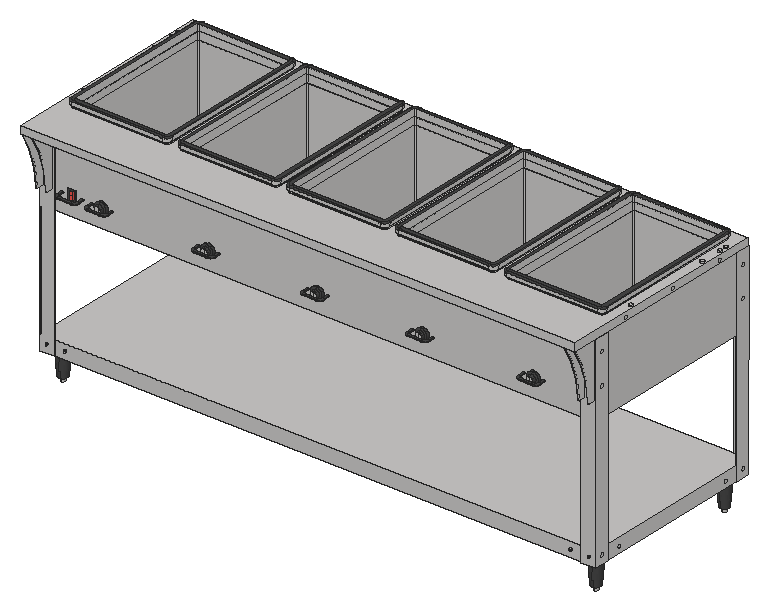
Revit family "QF_VOLLRATH_38215_SERVEWELL_SL_HOT_FOOD_TABLE", category Specialty Equipment, Revit 2022 (continued)
Definition of nested family "QF_VOLLRATH_38203"
  Automatic sketch dimensions
    Extrusion 3 sketch curve to plane 1 "BACK" = 1/16"  (x2)
    plane 4 "RIGHT" to Extrusion 3 sketch curve = 1 15/16"  (x2)
    Extrusion 3 sketch curve to plane 4 "RIGHT" = 1/16"  (x2)
    Extrusion 3 sketch curve to Extrusion 3 sketch curve = 1 15/16"
    plane 10 to Extrusion 3 sketch curve = 1 15/16"
    plane 1 "BACK" to Extrusion 3 sketch curve = 1 15/16"  (x2)
    plane 1 "BACK" to Extrusion 4 sketch curve = 0"
    Extrusion 4 sketch curve to plane 4 "RIGHT" = 0"
    Extrusion 4 sketch curve to plane 3 "LEFT" = 0"
    Extrusion 4 sketch curve to plane 10 = 0"
    plane 12 to Sweep 5 sketch curve = 0.008"
    plane 12 to Sweep 5 sketch curve = 0.508"  (x2)
    plane 10 to Sweep 5 sketch curve = 3.10363"
    Sweep 5 sketch curve to Sweep 5 sketch curve = 12 13/32"  (x2)
    plane 1 "BACK" to Sweep 5 sketch curve = 1.14637"
    Sweep 5 sketch curve to Sweep 5 sketch curve = 1/2"
    Sweep 5 sketch curve to profile plane = 0"
    profile plane to Sweep 5 sketch curve = 1/32"
    Sweep 5 sketch curve to Sweep 5 sketch curve = 11/32"
    Sweep 5 sketch curve to profile plane = 0.08859"
    Sweep 5 sketch curve to profile plane = 0.21124"
    Sweep 5 sketch curve to Sweep 5 sketch curve = 0.00751"
    level to Sweep 5 sketch curve = 21 225/256"
    Sweep 5 sketch curve to Sweep 5 sketch curve = 11.21753"
    Sweep 5 sketch curve to Sweep 5 sketch curve = 0.19131"
    Sweep 5 sketch curve to Sweep 5 sketch curve = 0.43234"
    plane 5 "FRONT" to Extrusion 6 sketch curve = 13.4333"
    Extrusion 6 sketch curve to plane 5 "FRONT" = 0.11477"
    Extrusion 6 sketch curve to plane 10 = 0.80842"
    Extrusion 6 sketch curve to plane 10 = 1/16"
    Extrusion 6 sketch curve to plane 6 "TOP" = 10.27256"
    Extrusion 6 sketch curve to plane 6 "TOP" = 9.59817"
    Extrusion 6 sketch curve to Extrusion 6 sketch curve = 1/4"
    Extrusion 6 sketch curve to plane 6 "TOP" = 1.94773"
    plane 5 "FRONT" to Extrusion 7 sketch curve = 13.4333"
    Extrusion 7 sketch curve to plane 5 "FRONT" = 0.11477"
    Extrusion 7 sketch curve to plane 10 = 0.80842"
    Extrusion 7 sketch curve to plane 10 = 1/16"
    Extrusion 7 sketch curve to plane 6 "TOP" = 10.27256"
    Extrusion 7 sketch curve to plane 6 "TOP" = 9.59817"
    Extrusion 7 sketch curve to Extrusion 7 sketch curve = 1/4"
    Extrusion 7 sketch curve to plane 6 "TOP" = 1.94773"
    Revolve 8 sketch curve to plane 10 = 0"
    Revolve 8 sketch curve to plane 10 = 0.30475"
    Revolve 8 sketch curve to Revolve 8 sketch curve = 0.13723"
    Revolve 8 sketch curve to Revolve 8 sketch curve = 0.30802"
    Revolve 8 sketch curve to plane 6 "TOP" = 9.55549"
    Revolve 8 sketch curve to Revolve 8 sketch curve = 0.41678"
    Revolve 8 sketch curve to Revolve 8 sketch curve = 0.08253"
    Revolve 8 sketch curve to Revolve 8 sketch curve = 0.3109"
    Revolve 8 sketch curve to plane 10 = 0.12717"
    Revolve 8 sketch curve to Revolve 8 sketch curve = 1/16"
    Revolve 8 sketch curve to Revolve 8 sketch curve = 0"
    Sweep 9 sketch curve to plane 10 = 0"  (x2)
    Sweep 9 sketch curve to plane 10 = 0.83521"
    plane 12 to Sweep 9 sketch curve = 5 1/2"
    Sweep 9 sketch curve to Sweep 9 sketch curve = 0.41479"
    Sweep 9 sketch curve to plane 10 = 107/128"
    Sweep 9 sketch curve to Sweep 9 sketch curve = 1.92114"
    Sweep 9 sketch curve to profile plane = 0"
    level to Sweep 9 sketch curve = 24 7/16"
    Revolve 10 sketch curve to plane 10 = 0"
    Revolve 10 sketch curve to plane 10 = 0.30475"
    Revolve 10 sketch curve to Revolve 10 sketch curve = 0.13723"
    Revolve 10 sketch curve to Revolve 10 sketch curve = 0.30802"
    Revolve 10 sketch curve to plane 6 "TOP" = 9.55549"
    Revolve 10 sketch curve to Revolve 10 sketch curve = 0.41678"
    Revolve 10 sketch curve to Revolve 10 sketch curve = 0.08253"
    Revolve 10 sketch curve to Revolve 10 sketch curve = 0.3109"
    Revolve 10 sketch curve to plane 10 = 0.12717"
    Revolve 10 sketch curve to Revolve 10 sketch curve = 1/16"
    Revolve 10 sketch curve to Revolve 10 sketch curve = 0"
    Sweep 11 sketch curve to plane 10 = 0"  (x2)
    Sweep 11 sketch curve to plane 10 = 0.83521"
    Sweep 11 sketch curve to plane 7 "Center Y" = 16.37852"
    Sweep 11 sketch curve to Sweep 11 sketch curve = 0.41479"
    Sweep 11 sketch curve to plane 10 = 107/128"
    Sweep 11 sketch curve to Sweep 11 sketch curve = 1.92114"
    Sweep 11 sketch curve to profile plane = 0"
    level to Sweep 11 sketch curve = 24 7/16"
    Revolve 12 sketch curve to plane 10 = 0"
    Revolve 12 sketch curve to plane 10 = 0.30475"
    Revolve 12 sketch curve to Revolve 12 sketch curve = 0.13723"
    Revolve 12 sketch curve to Revolve 12 sketch curve = 0.30802"
    Revolve 12 sketch curve to plane 6 "TOP" = 8.74527"
    Revolve 12 sketch curve to Revolve 12 sketch curve = 0.3109"
    Revolve 12 sketch curve to Revolve 12 sketch curve = 0.08253"
    Revolve 12 sketch curve to Revolve 12 sketch curve = 0.41678"
    Revolve 12 sketch curve to plane 10 = 0.12717"
    Revolve 12 sketch curve to Revolve 12 sketch curve = 1/16"
    Revolve 12 sketch curve to Revolve 12 sketch curve = 0"
    Sweep 13 sketch curve to plane 10 = 0"  (x2)
    Sweep 13 sketch curve to plane 10 = 0.83521"
    plane 7 "Center Y" to Sweep 13 sketch curve = 15 11/16"
    Sweep 13 sketch curve to Sweep 13 sketch curve = 0.41479"
    Sweep 13 sketch curve to plane 10 = 107/128"
    Sweep 13 sketch curve to Sweep 13 sketch curve = 1.92114"
    Sweep 13 sketch curve to profile plane = 0"
    level to Sweep 13 sketch curve = 24 7/16"
    Extrusion 2 to Extrusion 14 sketch curve = 1.87224"
    Extrusion 2 to Extrusion 14 sketch curve = 3.81326"
    Extrusion 14 sketch curve to Extrusion 14 sketch curve = 0.29169"
    Extrusion 14 sketch curve to Extrusion 14 sketch curve = 0.41524"
    Extrusion 14 sketch curve to Extrusion 14 sketch curve = 0.29307"
    Extrusion 14 sketch curve to Extrusion 14 sketch curve = 0.27955"
    Extrusion 14 sketch curve to Extrusion 14 sketch curve = 1 1/64"
    Extrusion 14 sketch curve to Extrusion 14 sketch curve = 0.20483"
    Extrusion 15 sketch curve to Extrusion 14 = 0"  (x2)
    Extrusion 15 sketch curve to Extrusion 14 = 0.06481"
    Extrusion 15 sketch curve to Extrusion 14 = 0.46361"
    Extrusion 14 to Extrusion 15 sketch curve = 0.00006"
    Extrusion 15 sketch curve to Extrusion 14 = 0.14238"
    Sweep 16 sketch curve to plane 10 = 0"  (x2)
    Sweep 16 sketch curve to plane 10 = 0.83521"
    plane 12 to Sweep 16 sketch curve = 1 15/32"
    Sweep 16 sketch curve to Sweep 16 sketch curve = 0.41479"
    Sweep 16 sketch curve to plane 10 = 107/128"
    Sweep 16 sketch curve to Sweep 16 sketch curve = 1.92114"
    Sweep 16 sketch curve to profile plane = 0"
    level to Sweep 16 sketch curve = 24 7/16"
    Split face 1 sketch curve to cut or joined group of Extrusion 2, Extrusion 3, Extrusion 4 = 4.12648"
    Split face 1 sketch curve to Split face 1 sketch curve = 7/16"
    cut or joined group of Extrusion 2, Extrusion 3, Extrusion 4 to Split face 1 sketch curve = 7.43183"
    Split face 1 sketch curve to Split face 1 sketch curve = 1"
    Split face 2 sketch curve to cut or joined group of Extrusion 2, Extrusion 3, Extrusion 4 = 3.3811"
    cut or joined group of Extrusion 2, Extrusion 3, Extrusion 4 to Split face 2 sketch curve = 7.88431"
    Split face 3 sketch curve to cut or joined group of Extrusion 2, Extrusion 3, Extrusion 4 = 4.12648"
    Split face 3 sketch curve to Split face 3 sketch curve = 7/16"
    cut or joined group of Extrusion 2, Extrusion 3, Extrusion 4 to Split face 3 sketch curve = 35.50567"
    Split face 3 sketch curve to Split face 3 sketch curve = 1"
    Split face 4 sketch curve to Split face 4 sketch curve = 0"  (x2)
    Split face 4 sketch curve to cut or joined group of Extrusion 2, Extrusion 3, Extrusion 4 = 3.3811"
    cut or joined group of Extrusion 2, Extrusion 3, Extrusion 4 to Split face 4 sketch curve = 35.02194"
    Split face 4 sketch curve to Split face 4 sketch curve = 0.16586"
    Split face 5 sketch curve to cut or joined group of Extrusion 2, Extrusion 3, Extrusion 4 = 4.12648"
    Split face 5 sketch curve to Split face 5 sketch curve = 7/16"
    cut or joined group of Extrusion 2, Extrusion 3, Extrusion 4 to Split face 5 sketch curve = 20.88067"
    Split face 5 sketch curve to Split face 5 sketch curve = 1"
    Split face 6 sketch curve to Split face 6 sketch curve = 0"  (x2)
    Split face 6 sketch curve to cut or joined group of Extrusion 2, Extrusion 3, Extrusion 4 = 3.3811"
    cut or joined group of Extrusion 2, Extrusion 3, Extrusion 4 to Split face 6 sketch curve = 20.38132"
    Split face 6 sketch curve to Split face 6 sketch curve = 0.16586"
    Split face 7 sketch curve to cut or joined group of Extrusion 2, Extrusion 3, Extrusion 4 = 3.21492"
    Split face 7 sketch curve to Split face 7 sketch curve = 3/32"  (x2)
    Split face 7 sketch curve to Split face 7 sketch curve = 1 1/8"
    Split face 7 sketch curve to Split face 7 sketch curve = 1.12522"
    Split face 7 sketch curve to Split face 7 sketch curve = 0.09353"
    cut or joined group of Extrusion 2, Extrusion 3, Extrusion 4 to Split face 7 sketch curve = 11.9592"
    Split face 7 sketch curve to Split face 7 sketch curve = 3 15/16"
    Extrusion 17 sketch curve to Extrusion 1 = 0.56824"
    Extrusion 17 sketch curve to Extrusion 1 = 0.53699"
    Extrusion 17 sketch curve to Extrusion 1 = 0.50498"  (x2)
    Extrusion 1 to Extrusion 17 sketch curve = 1.56685"
    Extrusion 17 sketch curve to Extrusion 17 sketch curve = 1.04512"
    Extrusion 17 sketch curve to Extrusion 17 sketch curve = 2.99589"
    Extrusion 1 to Extrusion 17 sketch curve = 3.29839"
    Extrusion 2 to Extrusion 18 sketch curve = 1.4413"
    Extrusion 18 sketch curve to Extrusion 2 = 2.52553"
    Extrusion 19 sketch curve to Extrusion 2 = 2.89711"  (x5)
    Extrusion 19 sketch curve to Extrusion 2 = 6.24577"  (x2)
    Extrusion 19 sketch curve to Extrusion 2 = 6.06673"  (x2)
    Extrusion 19 sketch curve to Extrusion 2 = 6 23/64"
    plane 12 to Extrusion 20 sketch curve = 6.61974"
    Extrusion 20 sketch curve to Extrusion 20 sketch curve = 0.03954"
    Extrusion 20 sketch curve to Extrusion 20 sketch curve = 0.07808"
    Extrusion 20 sketch curve to Extrusion 20 sketch curve = 9/64"
    Extrusion 20 sketch curve to Extrusion 20 sketch curve = 0.29046"
    Extrusion 20 sketch curve to Extrusion 20 sketch curve = 0.10409"
    plane 11 to Extrusion 20 sketch curve = 13 225/256"
    Extrusion 20 sketch curve to Extrusion 20 sketch curve = 0.77431"
    Extrusion 20 sketch curve to Extrusion 20 sketch curve = 0.00199"
    Extrusion 20 sketch curve to Extrusion 20 sketch curve = 0.23749"
    Extrusion 20 sketch curve to Extrusion 20 sketch curve = 0"
    Extrusion 20 sketch curve to Extrusion 20 sketch curve = 0.25882"
    plane 12 to Extrusion 21 sketch curve = 6.80179"
    Extrusion 21 sketch curve to plane 6 "TOP" = 13.11387"
    Extrusion 22 sketch curve to plane 7 "Center Y" = 15.35985"
    Extrusion 22 sketch curve to Extrusion 22 sketch curve = 0.03954"
    Extrusion 22 sketch curve to Extrusion 22 sketch curve = 0.07808"
    Extrusion 22 sketch curve to Extrusion 22 sketch curve = 9/64"
    Extrusion 22 sketch curve to Extrusion 22 sketch curve = 0.29046"
    Extrusion 22 sketch curve to Extrusion 22 sketch curve = 0.10409"
    plane 11 to Extrusion 22 sketch curve = 13 225/256"
    Extrusion 22 sketch curve to Extrusion 22 sketch curve = 0.77431"
    Extrusion 22 sketch curve to Extrusion 22 sketch curve = 0.00199"
    Extrusion 22 sketch curve to Extrusion 22 sketch curve = 0.23749"
    Extrusion 22 sketch curve to Extrusion 22 sketch curve = 0"
    Extrusion 22 sketch curve to Extrusion 22 sketch curve = 0.25882"
    Extrusion 23 sketch curve to plane 7 "Center Y" = 15.17099"
    Extrusion 23 sketch curve to plane 6 "TOP" = 13.11387"
    plane 7 "Center Y" to Extrusion 24 sketch curve = 14.9905"
    Extrusion 24 sketch curve to Extrusion 24 sketch curve = 0.03954"
    Extrusion 24 sketch curve to Extrusion 24 sketch curve = 0.11762"
    Extrusion 24 sketch curve to Extrusion 24 sketch curve = 9/64"
    Extrusion 24 sketch curve to Extrusion 24 sketch curve = 0.29046"
    Extrusion 24 sketch curve to Extrusion 24 sketch curve = 0.10409"
    plane 11 to Extrusion 24 sketch curve = 13 225/256"
    Extrusion 24 sketch curve to Extrusion 24 sketch curve = 0.77431"
    Extrusion 24 sketch curve to Extrusion 24 sketch curve = 0.00199"
    Extrusion 24 sketch curve to Extrusion 24 sketch curve = 0.23749"
    Extrusion 24 sketch curve to Extrusion 24 sketch curve = 0"
    Extrusion 24 sketch curve to Extrusion 24 sketch curve = 0.25882"
    plane 7 "Center Y" to Extrusion 25 sketch curve = 15.17255"
    Extrusion 25 sketch curve to plane 6 "TOP" = 13.11387"
    Extrusion 1 to Extrusion 26 sketch curve = 0.93013"  (x3)
    Extrusion 26 sketch curve to Extrusion 26 sketch curve = 2.99269"
    Extrusion 1 to Extrusion 26 sketch curve = 0.52024"  (x3)
    Extrusion 26 sketch curve to Extrusion 26 sketch curve = 4.0321"
    Extrusion 26 sketch curve to Extrusion 26 sketch curve = 8"  (x2)
    Extrusion 1 to Extrusion 26 sketch curve = 7.39159"
    Extrusion 1 to Extrusion 26 sketch curve = 4.40301"
    Extrusion 26 sketch curve to Extrusion 1 = 1.81291"
    Extrusion 26 sketch curve to Extrusion 26 sketch curve = 0"
    Extrusion 26 sketch curve to Extrusion 26 sketch curve = 2.98858"
    Extrusion 26 sketch curve to Extrusion 1 = 1.79886"
    Extrusion 26 sketch curve to Extrusion 26 sketch curve = 4.15231"
    Extrusion 26 sketch curve to Extrusion 26 sketch curve = 4 1/4"
    Extrusion 26 sketch curve to Extrusion 26 sketch curve = 20 3/4"
    Extrusion 26 sketch curve to Extrusion 26 sketch curve = 20.91394"
    Extrusion 26 sketch curve to Extrusion 26 sketch curve = 0.26147"
    Extrusion 26 sketch curve to Extrusion 26 sketch curve = 0.20927"
    plane 1 "BACK" to Extrusion 27 sketch curve = 0.93013"  (x3)
    plane 9 to Extrusion 27 sketch curve = 0.97789"  (x2)
    Extrusion 27 sketch curve to Extrusion 27 sketch curve = 2.99269"
    Extrusion 27 sketch curve to plane 6 "TOP" = 1.42378"  (x3)
    Extrusion 27 sketch curve to Extrusion 27 sketch curve = 4.0321"
    plane 8 "Center X" to Extrusion 27 sketch curve = 1.78778"
    plane 13 to Extrusion 27 sketch curve = 2.81572"
    plane 10 to Extrusion 27 sketch curve = 3.89159"
    plane 10 to Extrusion 27 sketch curve = 0.90301"  (x3)
    Extrusion 27 sketch curve to plane 11 = 0.81284"
    Extrusion 27 sketch curve to plane 11 = 0.76064"
    Extrusion 27 sketch curve to plane 6 "TOP" = 8.01064"
    Extrusion 27 sketch curve to Extrusion 27 sketch curve = 6.47512"
    Extrusion 27 sketch curve to plane 6 "TOP" = 3.76064"
    Extrusion 27 sketch curve to plane 6 "TOP" = 3.74659"
    Revolve 29 sketch curve to plane 9 = 0"
    Revolve 29 sketch curve to level = 0"
    plane 10 to Revolve 29 sketch curve = 1.00812"
    level to Revolve 29 sketch curve = 9/16"
    plane 10 to Revolve 29 sketch curve = 1.30886"
    Revolve 29 sketch curve to Revolve 29 sketch curve = 0.34739"
    Revolve 29 sketch curve to Revolve 29 sketch curve = 9/32"  (x2)
    Revolve 29 sketch curve to Revolve 29 sketch curve = 1/4"
    Revolve 29 sketch curve to Revolve 29 sketch curve = 1/16"
    Revolve 30 sketch curve to plane 9 = 0"
    Revolve 30 sketch curve to level = 0"
    plane 1 "BACK" to Revolve 30 sketch curve = 1.13312"
    level to Revolve 30 sketch curve = 9/16"
    plane 1 "BACK" to Revolve 30 sketch curve = 1.43386"
    Revolve 30 sketch curve to Revolve 30 sketch curve = 0.34739"
    Revolve 30 sketch curve to Revolve 30 sketch curve = 9/32"  (x2)
    Revolve 30 sketch curve to Revolve 30 sketch curve = 1/16"
    Revolve 30 sketch curve to Revolve 30 sketch curve = 1/4"
    plane 13 to Blend 31 sketch curve = 0"
    plane 12 to Blend 31 sketch curve = 4.43727"
    Blend 31 sketch curve to plane 12 = 0.06273"
    plane 10 to Blend 31 sketch curve = 2.97336"
    plane 13 to Blend 31 sketch curve = 1/2"
    plane 12 to Blend 31 sketch curve = 3.93727"
    plane 12 to Blend 31 sketch curve = 0.43727"
    plane 10 to Blend 31 sketch curve = 3.47336"
    plane 12 to Blend 32 sketch curve = 4.43727"
    Blend 32 sketch curve to plane 12 = 0.06273"
    plane 1 "BACK" to Blend 32 sketch curve = 2.98976"
    Blend 32 sketch curve to Blend 32 sketch curve = 4.88014"
    plane 12 to Blend 32 sketch curve = 3.93727"
    plane 12 to Blend 32 sketch curve = 0.43727"
    plane 1 "BACK" to Blend 32 sketch curve = 3.48976"
    Blend 32 sketch curve to Blend 32 sketch curve = 3.88014"
    plane 7 "Center Y" to Extrusion 33 sketch curve = 0.18117"
    plane 7 "Center Y" to Extrusion 33 sketch curve = 0.14163"
    plane 7 "Center Y" to Extrusion 33 sketch curve = 0.06355"
    Extrusion 33 sketch curve to plane 7 "Center Y" = 0.07708"
    Extrusion 33 sketch curve to plane 7 "Center Y" = 0.14883"
    Extrusion 33 sketch curve to plane 7 "Center Y" = 0.18117"
    Extrusion 33 sketch curve to plane 6 "TOP" = 12.62787"
    Extrusion 33 sketch curve to Extrusion 33 sketch curve = 0.25212"
    Extrusion 33 sketch curve to Extrusion 33 sketch curve = 0.25882"
    Extrusion 33 sketch curve to Extrusion 33 sketch curve = 0.2273"
    Extrusion 33 sketch curve to Extrusion 33 sketch curve = 0"
    Extrusion 33 sketch curve to Extrusion 33 sketch curve = 0.77431"
    plane 7 "Center Y" to Extrusion 34 sketch curve = 15.18237"
    Extrusion 34 sketch curve to plane 6 "TOP" = 13.11387"
    Extrusion 35 sketch curve to plane 7 "Center Y" = 0.00769"
    Extrusion 35 sketch curve to plane 6 "TOP" = 13.11387"
    Revolve 36 sketch curve to plane 10 = 0"
    Revolve 36 sketch curve to plane 10 = 0.30475"
    Revolve 36 sketch curve to Revolve 36 sketch curve = 0.13723"
    Revolve 36 sketch curve to Revolve 36 sketch curve = 0.30802"
    Revolve 36 sketch curve to plane 6 "TOP" = 8.74527"
    Revolve 36 sketch curve to Revolve 36 sketch curve = 0.3109"
    Revolve 36 sketch curve to Revolve 36 sketch curve = 0.08253"
    Revolve 36 sketch curve to Revolve 36 sketch curve = 0.41678"
    Revolve 36 sketch curve to plane 10 = 0.12717"
    Revolve 36 sketch curve to Revolve 36 sketch curve = 1/16"
    Revolve 36 sketch curve to Revolve 36 sketch curve = 0"
    Split face 8 sketch curve to cut or joined group of Extrusion 2, Extrusion 3, Extrusion 4 = 4.12648"
    Split face 8 sketch curve to Split face 8 sketch curve = 7/16"
    cut or joined group of Extrusion 2, Extrusion 3, Extrusion 4 to Split face 8 sketch curve = 22.05683"
    Split face 8 sketch curve to Split face 8 sketch curve = 1"
    Split face 9 sketch curve to Split face 9 sketch curve = 0"  (x2)
    Split face 9 sketch curve to cut or joined group of Extrusion 2, Extrusion 3, Extrusion 4 = 3.3811"
    cut or joined group of Extrusion 2, Extrusion 3, Extrusion 4 to Split face 9 sketch curve = 22.52331"
    Split face 9 sketch curve to Split face 9 sketch curve = 0.16586"
    Revolve 37 sketch curve to plane 9 = 0"
    Revolve 37 sketch curve to level = 0"
    plane 10 to Revolve 37 sketch curve = 1.00812"
    level to Revolve 37 sketch curve = 9/16"
    plane 10 to Revolve 37 sketch curve = 1.30886"
    Revolve 37 sketch curve to Revolve 37 sketch curve = 0.34739"
    Revolve 37 sketch curve to Revolve 37 sketch curve = 9/32"  (x2)
    Revolve 37 sketch curve to Revolve 37 sketch curve = 1/16"
    Revolve 37 sketch curve to Revolve 37 sketch curve = 1/4"
    Revolve 38 sketch curve to plane 9 = 0"
    Revolve 38 sketch curve to level = 0"
    plane 1 "BACK" to Revolve 38 sketch curve = 1.13312"
    level to Revolve 38 sketch curve = 9/16"
    plane 1 "BACK" to Revolve 38 sketch curve = 1.43386"
    Revolve 38 sketch curve to Revolve 38 sketch curve = 0.34739"
    Revolve 38 sketch curve to Revolve 38 sketch curve = 9/32"  (x2)
    Revolve 38 sketch curve to level = 1/4"
    Revolve 38 sketch curve to Revolve 38 sketch curve = 1/16"
    plane 13 to Blend 39 sketch curve = 0"
    plane 4 "RIGHT" to Blend 39 sketch curve = 5.93727"
    plane 4 "RIGHT" to Blend 39 sketch curve = 1.43727"
    plane 10 to Blend 39 sketch curve = 2.97336"
    plane 13 to Blend 39 sketch curve = 1/2"
    plane 4 "RIGHT" to Blend 39 sketch curve = 5.43727"
    plane 4 "RIGHT" to Blend 39 sketch curve = 1.93727"
    plane 10 to Blend 39 sketch curve = 3.47336"
    plane 4 "RIGHT" to Blend 40 sketch curve = 5.93727"
    plane 4 "RIGHT" to Blend 40 sketch curve = 1.43727"
    plane 8 "Center X" to Blend 40 sketch curve = 6.8801"
    plane 1 "BACK" to Blend 40 sketch curve = 2.98976"
    plane 4 "RIGHT" to Blend 40 sketch curve = 5.43727"
    plane 4 "RIGHT" to Blend 40 sketch curve = 1.93727"
    plane 1 "BACK" to Blend 40 sketch curve = 7.3699"
    plane 1 "BACK" to Blend 40 sketch curve = 3.48976"
    plane 5 "FRONT" to Extrusion 41 sketch curve = 13.4333"
    Extrusion 41 sketch curve to plane 5 "FRONT" = 0.11477"
    Extrusion 41 sketch curve to plane 10 = 0.80842"
    Extrusion 41 sketch curve to plane 10 = 1/16"
    Extrusion 41 sketch curve to plane 6 "TOP" = 1.94773"
    Extrusion 41 sketch curve to Extrusion 41 sketch curve = 7.40044"
    Extrusion 41 sketch curve to Extrusion 41 sketch curve = 1/4"
    Extrusion 41 sketch curve to plane 6 "TOP" = 10.27256"
    plane 5 "FRONT" to Extrusion 42 sketch curve = 13.4333"
    Extrusion 42 sketch curve to plane 5 "FRONT" = 0.11477"
    Extrusion 42 sketch curve to plane 10 = 0.80842"
    Extrusion 42 sketch curve to plane 10 = 1/16"
    Extrusion 42 sketch curve to plane 6 "TOP" = 1.94773"
    Extrusion 42 sketch curve to Extrusion 42 sketch curve = 7.40044"
    Extrusion 42 sketch curve to Extrusion 42 sketch curve = 1/4"
    Extrusion 42 sketch curve to plane 6 "TOP" = 10.27256"
    plane 10 to Sweep 43 sketch curve = 3.60363"
    plane 12 to Sweep 43 sketch curve = 14.91425"
    Sweep 43 sketch curve to Sweep 43 sketch curve = 1/2"  (x3)
    Sweep 43 sketch curve to plane 7 "Center Y" = 8.6795"  (x2)
    plane 1 "BACK" to Sweep 43 sketch curve = 1.14637"
    Sweep 43 sketch curve to profile plane = 0"
    profile plane to Sweep 43 sketch curve = 1/32"
    Sweep 43 sketch curve to Sweep 43 sketch curve = 11/32"
    Sweep 43 sketch curve to profile plane = 0.08859"
    Sweep 43 sketch curve to profile plane = 0.21124"
    Sweep 43 sketch curve to Sweep 43 sketch curve = 0.00751"
    level to Sweep 43 sketch curve = 21 225/256"
    Sweep 43 sketch curve to Sweep 43 sketch curve = 11.21753"
    Sweep 43 sketch curve to Sweep 43 sketch curve = 0.19131"
    Sweep 43 sketch curve to Sweep 43 sketch curve = 0.43234"
    plane 10 to Sweep 44 sketch curve = 3.60363"
    Sweep 44 sketch curve to plane 7 "Center Y" = 6 45/64"
    Sweep 44 sketch curve to Sweep 44 sketch curve = 1/2"  (x3)
    plane 7 "Center Y" to Sweep 44 sketch curve = 6 13/64"  (x2)
    plane 1 "BACK" to Sweep 44 sketch curve = 1.14637"
    Sweep 44 sketch curve to profile plane = 0"
    profile plane to Sweep 44 sketch curve = 1/32"
    Sweep 44 sketch curve to Sweep 44 sketch curve = 11/32"
    Sweep 44 sketch curve to profile plane = 0.08859"
    Sweep 44 sketch curve to profile plane = 0.21124"
    Sweep 44 sketch curve to Sweep 44 sketch curve = 0.00751"
    level to Sweep 44 sketch curve = 21 225/256"
    Sweep 44 sketch curve to Sweep 44 sketch curve = 11.21753"
    Sweep 44 sketch curve to Sweep 44 sketch curve = 0.19131"
    Sweep 44 sketch curve to Sweep 44 sketch curve = 0.43234"
    plane 4 "RIGHT" to Sweep 45 sketch curve = 1.508"
    Sweep 45 sketch curve to Sweep 45 sketch curve = 1/2"  (x3)
    plane 10 to Sweep 45 sketch curve = 3.10363"
    Sweep 45 sketch curve to Sweep 45 sketch curve = 12 13/32"  (x2)
    plane 1 "BACK" to Sweep 45 sketch curve = 1.14637"
    Sweep 45 sketch curve to profile plane = 0"
    profile plane to Sweep 45 sketch curve = 0.08859"
    profile plane to Sweep 45 sketch curve = 0.21124"
    Sweep 45 sketch curve to Sweep 45 sketch curve = 0.00751"
    Sweep 45 sketch curve to profile plane = 1/32"
    Sweep 45 sketch curve to profile plane = 11/32"
    level to Sweep 45 sketch curve = 21 225/256"
    Sweep 45 sketch curve to Sweep 45 sketch curve = 11.21753"
    Sweep 45 sketch curve to Sweep 45 sketch curve = 0.19131"
    Sweep 45 sketch curve to Sweep 45 sketch curve = 0.43234"
    plane 10 to Sweep 46 sketch curve = 3.60363"
    plane 4 "RIGHT" to Sweep 46 sketch curve = 16.41425"
    Sweep 46 sketch curve to Sweep 46 sketch curve = 1/2"  (x3)
    plane 7 "Center Y" to Sweep 46 sketch curve = 8.6795"  (x2)
    plane 1 "BACK" to Sweep 46 sketch curve = 1.14637"
    Sweep 46 sketch curve to profile plane = 0"
    profile plane to Sweep 46 sketch curve = 0.08859"
    profile plane to Sweep 46 sketch curve = 0.21124"
    Sweep 46 sketch curve to Sweep 46 sketch curve = 0.00751"
    Sweep 46 sketch curve to profile plane = 1/32"
    Sweep 46 sketch curve to profile plane = 11/32"
    level to Sweep 46 sketch curve = 21 225/256"
    Sweep 46 sketch curve to Sweep 46 sketch curve = 11.21753"
    Sweep 46 sketch curve to Sweep 46 sketch curve = 0.19131"
    Sweep 46 sketch curve to Sweep 46 sketch curve = 0.43234"
    plane 4 "RIGHT" to Extrusion 47 sketch curve = 8.5095"
    Extrusion 47 sketch curve to Extrusion 47 sketch curve = 0.03954"
    Extrusion 47 sketch curve to Extrusion 47 sketch curve = 0.11762"
    Extrusion 47 sketch curve to Extrusion 47 sketch curve = 9/64"
    Extrusion 47 sketch curve to Extrusion 47 sketch curve = 0.29046"
    Extrusion 47 sketch curve to Extrusion 47 sketch curve = 0.10409"
    plane 11 to Extrusion 47 sketch curve = 13 225/256"
    Extrusion 47 sketch curve to Extrusion 47 sketch curve = 0.77431"
    Extrusion 47 sketch curve to Extrusion 47 sketch curve = 0.00199"
    Extrusion 47 sketch curve to Extrusion 47 sketch curve = 0.23749"
    Extrusion 47 sketch curve to Extrusion 47 sketch curve = 0"
    Extrusion 47 sketch curve to Extrusion 47 sketch curve = 0.25882"
    plane 4 "RIGHT" to Extrusion 48 sketch curve = 8.32745"
    Extrusion 48 sketch curve to plane 6 "TOP" = 13.11387"
    plane 4 "RIGHT" to Extrusion 49 sketch curve = 8.31763"
    Extrusion 49 sketch curve to plane 6 "TOP" = 13.11387"
    Sweep 50 sketch curve to plane 10 = 0"  (x2)
    Sweep 50 sketch curve to plane 10 = 0.83521"
    plane 4 "RIGHT" to Sweep 50 sketch curve = 7 1/16"
    Sweep 50 sketch curve to Sweep 50 sketch curve = 0.41479"
    Sweep 50 sketch curve to plane 10 = 107/128"
    Sweep 50 sketch curve to Sweep 50 sketch curve = 1.92114"
    Sweep 50 sketch curve to profile plane = 0"
    level to Sweep 50 sketch curve = 24 7/16"
    Revolve 51 sketch curve to plane 10 = 0"
    Revolve 51 sketch curve to plane 10 = 0.30475"
    Revolve 51 sketch curve to Revolve 51 sketch curve = 0.13723"
    Revolve 51 sketch curve to Revolve 51 sketch curve = 0.30802"
    Revolve 51 sketch curve to plane 6 "TOP" = 8.74527"
    Revolve 51 sketch curve to Revolve 51 sketch curve = 0.3109"
    Revolve 51 sketch curve to Revolve 51 sketch curve = 0.08253"
    Revolve 51 sketch curve to Revolve 51 sketch curve = 0.41678"
    Revolve 51 sketch curve to plane 10 = 0.12717"
    Revolve 51 sketch curve to Revolve 51 sketch curve = 1/16"
    Revolve 51 sketch curve to Revolve 51 sketch curve = 0"
    Split face 10 sketch curve to cut or joined group of Extrusion 2, Extrusion 3, Extrusion 4 = 4.12648"
    Split face 10 sketch curve to Split face 10 sketch curve = 7/16"
    cut or joined group of Extrusion 2, Extrusion 3, Extrusion 4 to Split face 10 sketch curve = 5.56817"
    Split face 10 sketch curve to Split face 10 sketch curve = 1"
    Sweep 52 sketch curve to plane 10 = 0"  (x2)
    Sweep 52 sketch curve to plane 10 = 0.83521"
    plane 7 "Center Y" to Sweep 52 sketch curve = 1.33794"
    Sweep 52 sketch curve to Sweep 52 sketch curve = 0.41479"
    Sweep 52 sketch curve to plane 7 "Center Y" = 0.99799"
    Sweep 52 sketch curve to Sweep 52 sketch curve = 53/128"
    Sweep 52 sketch curve to profile plane = 0"
    level to Sweep 52 sketch curve = 24 7/16"
    Split face 11 sketch curve to Split face 11 sketch curve = 0"  (x2)
    Split face 11 sketch curve to cut or joined group of Extrusion 2, Extrusion 3, Extrusion 4 = 3.3811"
    cut or joined group of Extrusion 2, Extrusion 3, Extrusion 4 to Split face 11 sketch curve = 5.13132"
    Split face 11 sketch curve to Split face 11 sketch curve = 0.16586"
    Extrusion 53 sketch curve to Extrusion 53 sketch curve = 0"  (x10)
    Extrusion 53 sketch curve to Extrusion 2 = 5/32"  (x7)
    Extrusion 53 sketch curve to Extrusion 2 = 2.89624"
    Extrusion 53 sketch curve to Extrusion 2 = 2.89711"  (x4)
    Extrusion 53 sketch curve to Extrusion 53 sketch curve = 5/32"  (x3)
    Extrusion 53 sketch curve to Extrusion 2 = 6.24577"
    Extrusion 53 sketch curve to Extrusion 2 = 6.06673"  (x2)
    Extrusion 53 sketch curve to Extrusion 2 = 6 23/64"
    Extrusion 53 sketch curve to Extrusion 2 = 6.24606"
    Extrusion 53 sketch curve to Extrusion 53 sketch curve = 1/2"  (x5)
    Extrusion 54 sketch curve to Extrusion 1 = 0.56824"
    Extrusion 54 sketch curve to Extrusion 1 = 0.53699"
    Extrusion 54 sketch curve to Extrusion 1 = 0.50498"  (x2)
    Extrusion 1 to Extrusion 54 sketch curve = 3.29839"
    Extrusion 1 to Extrusion 54 sketch curve = 5.60786"
    Extrusion 1 to Extrusion 54 sketch curve = 2.61197"
    Extrusion 54 sketch curve to Extrusion 54 sketch curve = 1.04512"
    plane 4 "RIGHT" to curve 32 = 0.56824"
    plane 13 to curve 32 = 1.10773"
    curve 31 to curve 31 = 1/4"
    plane 4 "RIGHT" to curve 33 = 0.53699"
    plane 1 "BACK" to curve 34 = 7.09798"
    curve 34 to curve 33 = 1/4"
    plane 4 "RIGHT" to curve 36 = 0.50498"
    curve 33 to curve 36 = 2.99589"
    curve 36 to curve 35 = 1/4"
    plane 4 "RIGHT" to curve 38 = 0.50498"
    curve 35 to curve 37 = 1.04512"
    curve 38 to curve 37 = 1/4"
    plane 10 to curve 43 = 3.60363"
    curve 43 to curve 31 = 14.31476"
    curve 43 to curve 42 = 23/32"
    curve 44 to curve 44 = 23/32"
    curve 46 to curve 38 = 1.25302"
    plane 4 "RIGHT" to curve 41 = 2.008"
    curve 40 to curve 39 = 23/32"
    plane 1 "BACK" to curve 43 = 1.64637"
    plane 13 to curve 47 = 1.50901"
    curve 42 to curve 47 = 6.08952"
    curve 48 to curve 47 = 1/2"
    curve 40 to curve 56 = 0"  (x2)
    curve 42 to curve 50 = 0"  (x2)
    curve 44 to curve 52 = 0"  (x2)
    curve 46 to curve 54 = 0"
    curve 51 to curve 52 = 5/32"
    plane 7 "Center Y" to curve 61 = 7.96075"
    curve 61 to curve 60 = 23/32"
    curve 62 to curve 62 = 23/32"
    plane 1 "BACK" to curve 63 = 0.92762"
    curve 63 to curve 43 = 1 25/32"
    curve 59 to curve 42 = 1 25/32"
    curve 58 to curve 57 = 23/32"
    plane 10 to curve 59 = 2.88488"
    curve 58 to curve 66 = 0"  (x2)
    curve 60 to curve 68 = 0"  (x2)
    curve 62 to curve 70 = 0"  (x2)
    curve 64 to curve 72 = 0"
    curve 69 to curve 68 = 5/32"
    plane 13 to curve 74 = 1.50901"
    curve 74 to curve 66 = 5.91048"
    curve 74 to curve 74 = 1/2"
    plane 1 "BACK" to curve 79 = 1.64637"
    curve 79 to plane 7 "Center Y" = 6 59/64"
    curve 79 to curve 80 = 23/32"
    curve 79 to curve 78 = 23/32"
    curve 82 to curve 61 = 1.75762"
    curve 77 to curve 60 = 1.75762"
    curve 76 to curve 75 = 23/32"
    curve 77 to curve 60 = 23/32"
    curve 76 to curve 84 = 0"  (x2)
    curve 78 to curve 86 = 0"  (x2)
    curve 80 to curve 88 = 0"  (x2)
    curve 82 to curve 90 = 0"
    curve 87 to curve 78 = 5/32"
    curve 91 to plane 7 "Center Y" = 0"
    plane 13 to curve 91 = 1.50901"
    curve 91 to curve 91 = 1/2"
    plane 13 to curve 94 = 1.50901"
    curve 29 to curve 94 = 7.69173"
    curve 94 to curve 93 = 1/2"
    curve 29 to curve 95 = 1 1/16"
    curve 95 to curve 97 = 23/32"
    curve 95 to curve 102 = 23/32"
    curve 98 to curve 79 = 1.75762"
    curve 101 to curve 78 = 1.75762"
    curve 98 to curve 99 = 23/32"
    curve 101 to curve 29 = 23/32"
    curve 29 to curve 95 = 0"
    curve 96 to curve 104 = 0"  (x2)
    curve 98 to curve 106 = 0"  (x2)
    curve 100 to curve 108 = 0"  (x2)
    curve 102 to curve 110 = 0"
    curve 103 to curve 104 = 5/32"
    plane 4 "RIGHT" to Extrusion 28 sketch curve = 0.87598"  (x3)
    Extrusion 28 sketch curve to plane 11 = 0.90649"  (x4)
    Extrusion 28 sketch curve to Extrusion 28 sketch curve = 2 1/2"
    plane 12 to Extrusion 28 sketch curve = 1.87598"
    Extrusion 28 sketch curve to plane 12 = 0.62402"  (x3)
    Extrusion 28 sketch curve to plane 6 "TOP" = 7.99051"  (x2)
    Extrusion 28 sketch curve to plane 6 "TOP" = 3.74051"  (x2)
    Extrusion 19 sketch curve to Extrusion 19 sketch curve = 0"  (x10)
    radius of Sweep 9 sketch curve = 1/8"
    radius of Sweep 11 sketch curve = 1/8"
    radius of Sweep 13 sketch curve = 1/8"
    radius of Sweep 16 sketch curve = 1/8"
    radius of Split face 2 sketch curve = 0.16586"
    radius of Extrusion 17 sketch curve = 1/4"  (x4)
    radius of Extrusion 18 sketch curve = 1/2"
    radius of Extrusion 19 sketch curve = 1/2"  (x5)
    radius of Extrusion 21 sketch curve = 1/4"
    radius of Extrusion 23 sketch curve = 1/4"
    radius of Extrusion 25 sketch curve = 1/4"
    radius of Extrusion 26 sketch curve = 0.17669"  (x11)
    radius of Extrusion 27 sketch curve = 0.17669"  (x11)
    radius of Extrusion 34 sketch curve = 1/4"
    radius of Extrusion 35 sketch curve = 1/4"
    radius of Extrusion 48 sketch curve = 1/4"
    radius of Extrusion 49 sketch curve = 1/4"
    radius of Sweep 50 sketch curve = 1/8"
    radius of Sweep 52 sketch curve = 1/8"
    radius of Extrusion 53 sketch curve to Extrusion 2 = 0"  (x10)
    radius of Extrusion 54 sketch curve = 1/4"  (x4)
    radius of Extrusion 28 sketch curve = 0.14866"  (x8)
    radius of Extrusion 19 sketch curve = 9/16"  (x5)
  Connectors (in)
    electrical at (4.37729, -23.99392, 21.75393)
      settings: on Extrusion 18, index 1, voltage 0 V, apparent load 0 VA, apparent load phase1 0 VA, apparent load phase2 0 VA, apparent load phase3 0 VA, power factor 1, load classification none, number of poles 1, system type 30, power factor state 1, is connector primary yes, connector utility no, sub classification motor no, connector description "ELECTRICAL CONNECTION"
